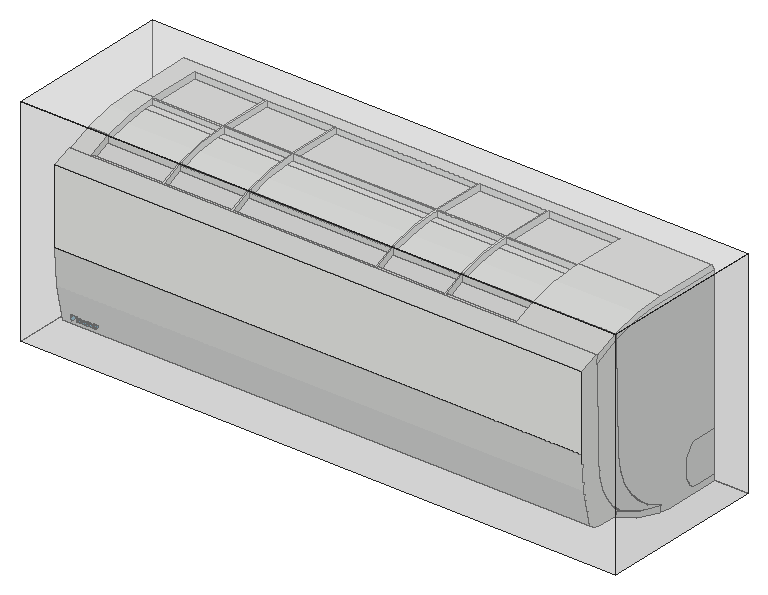
Revit family "outputfile", category 機械設備, Revit 2024
Family settings
  丸型コネクタ寸法 = 半径を使用
  パーツ タイプ = 標準
  OmniClass 番号 = 23.75.10.24.21.27.27
  OmniClass タイトル = Split System Air Conditioning Units
  作業面ベース = いいえ
  常に垂直 = はい
  ロード時にボイドで切り取り = いいえ
  注釈の向きを維持 = いいえ
  共有 = いいえ
  部屋計算ポイント = いいえ
Parameters (values of type "FTKC20TVM4")
  Description = ""
  書き出し IFC クラス(タイプ) = "IfcUnitaryEquipmentType"
  定義済み IFC タイプ(タイプ) = "AIRCONDITIONINGUNIT"
  Cost = 0
  Type Comments = ""
  Keynote = ""
  Type Image = (empty or 0)
  Assembly Code = ""
  w_wall hole = if(Width = 770.0 mm, 48.0 mm, 60.0 mm)  # 48.0 mm
  製造元 = "Daikin"
  モデル = "FTKC20TVM4"
  switch_frequency = yes
  r_Liquid Pipe Size = Liquid Pipe Size / 2  # 3.2 mm
  r_Gas Pipe Size = Gas Pipe Size / 2  # 4.75 mm
  r_Drain Pipe Size = Drain Pipe Size / 2  # 8.0 mm
  lw_powersupply [instance] = if(Width = 770.0 mm, if(or(Rear Right Connection_refrigerant, Bottom Right Connection_refrigerant), 30.0 mm, if(or(Rear Left Connection_refrigerant, Bottom Left Connection_refrigerant), 740.0 mm, 385.0 mm)), if(Width = 990.0 mm, if(or(Rear Right Connection_refrigerant, Bottom Right Connection_refrigerant), 80.0 mm, if(or(Rear Left Connection_refrigerant, Bottom Left Connection_refrigerant), 920.0 mm, 495.0 mm)), if(or(Rear Right Connection_refrigerant, Bottom Right Connection_refrigerant), 80.0 mm, if(or(Rear Left Connection_refrigerant, Bottom Left Connection_refrigerant), 920.0 mm, 495.0 mm))))  # 385.0 mm
  lw_liquidpipe [instance] = if(Width = 770.0 mm, if(or(Rear Right Connection_refrigerant, Bottom Right Connection_refrigerant), 0.0 mm, if(or(Rear Left Connection_refrigerant, Bottom Left Connection_refrigerant), 674.0 mm, 400.0 mm)), if(Width = 990.0 mm, if(or(Rear Right Connection_refrigerant, Bottom Right Connection_refrigerant), 9.0 mm, if(or(Rear Left Connection_refrigerant, Bottom Left Connection_refrigerant), 871.0 mm, 475.0 mm)), if(or(Rear Right Connection_refrigerant, Bottom Right Connection_refrigerant), 9.0 mm, if(or(Rear Left Connection_refrigerant, Bottom Left Connection_refrigerant), 871.0 mm, 475.0 mm))))  # 400.0 mm
  lw_gaspipe [instance] = if(Width = 770.0 mm, if(or(Rear Right Connection_refrigerant, Bottom Right Connection_refrigerant), 0.0 mm, if(or(Rear Left Connection_refrigerant, Bottom Left Connection_refrigerant), 674.0 mm, 350.0 mm)), if(Width = 990.0 mm, if(or(Rear Right Connection_refrigerant, Bottom Right Connection_refrigerant), 0.0 mm, if(or(Rear Left Connection_refrigerant, Bottom Left Connection_refrigerant), 880.0 mm, 400.0 mm)), if(or(Rear Right Connection_refrigerant, Bottom Right Connection_refrigerant), 0.0 mm, if(or(Rear Left Connection_refrigerant, Bottom Left Connection_refrigerant), 880.0 mm, 400.0 mm))))  # 350.0 mm
  lw_drainpipe [instance] = if(Width = 770.0 mm, if(or(Rear Right Connection_refrigerant, Bottom Right Connection_refrigerant), 0.0 mm, if(or(Rear Left Connection_refrigerant, Bottom Left Connection_refrigerant), 674.0 mm, 465.0 mm)), if(Width = 990.0 mm, if(or(Rear Right Connection_refrigerant, Bottom Right Connection_refrigerant), 0.0 mm, if(or(Rear Left Connection_refrigerant, Bottom Left Connection_refrigerant), 880.0 mm, 435.0 mm)), if(or(Rear Right Connection_refrigerant, Bottom Right Connection_refrigerant), 0.0 mm, if(or(Rear Left Connection_refrigerant, Bottom Left Connection_refrigerant), 880.0 mm, 435.0 mm))))  # 465.0 mm
  l_powersupply_length [instance] = if(Width = 770.0 mm, if(Right Connection_refrigerant, 385.0 mm, if(Left Connection_refrigerant, 385.0 mm, if(or(Rear Left Connection_refrigerant, Rear Right Connection_refrigerant), 15.0 mm, 50.0 mm))), if(Width = 990.0 mm, if(Right Connection_refrigerant, 495.0 mm, if(Left Connection_refrigerant, 495.0 mm, if(or(Rear Left Connection_refrigerant, Rear Right Connection_refrigerant), 15.0 mm, 50.0 mm))), if(Right Connection_refrigerant, 495.0 mm, if(Left Connection_refrigerant, 495.0 mm, if(or(Rear Left Connection_refrigerant, Rear Right Connection_refrigerant), 15.0 mm, 50.0 mm)))))  # 385.0 mm
  l_liquidpipe_length [instance] = if(Width = 770.0 mm, if(Right Connection_refrigerant, 448.0 mm, if(Left Connection_refrigerant, 322.0 mm, if(or(Rear Left Connection_refrigerant, Rear Right Connection_refrigerant), 30.0 mm, 40.0 mm))), if(Width = 990.0 mm, if(Right Connection_refrigerant, 535.0 mm, if(Left Connection_refrigerant, 455.0 mm, if(or(Rear Left Connection_refrigerant, Rear Right Connection_refrigerant), 30.0 mm, 40.0 mm))), if(Right Connection_refrigerant, 535.0 mm, if(Left Connection_refrigerant, 455.0 mm, if(or(Rear Left Connection_refrigerant, Rear Right Connection_refrigerant), 30.0 mm, 40.0 mm)))))  # 448.0 mm
  l_gaspipe_length [instance] = if(Width = 770.0 mm, if(Right Connection_refrigerant, 398.0 mm, if(Left Connection_refrigerant, 372.0 mm, if(or(Rear Left Connection_refrigerant, Rear Right Connection_refrigerant), 40.0 mm, 50.0 mm))), if(Width = 990.0 mm, if(Right Connection_refrigerant, 460.0 mm, if(Left Connection_refrigerant, 530.0 mm, if(or(Rear Left Connection_refrigerant, Rear Right Connection_refrigerant), 40.0 mm, 50.0 mm))), if(Right Connection_refrigerant, 460.0 mm, if(Left Connection_refrigerant, 530.0 mm, if(or(Rear Left Connection_refrigerant, Rear Right Connection_refrigerant), 40.0 mm, 50.0 mm)))))  # 398.0 mm
  l_drainpipe_length [instance] = if(Width = 770.0 mm, if(Right Connection_refrigerant, 513.0 mm, if(Left Connection_refrigerant, 257.0 mm, if(or(Rear Left Connection_refrigerant, Rear Right Connection_refrigerant), 15.0 mm, 20.0 mm))), if(Width = 990.0 mm, if(Right Connection_refrigerant, 495.0 mm, if(Left Connection_refrigerant, 495.0 mm, if(or(Rear Left Connection_refrigerant, Rear Right Connection_refrigerant), 15.0 mm, 20.0 mm))), if(Right Connection_refrigerant, 495.0 mm, if(Left Connection_refrigerant, 495.0 mm, if(or(Rear Left Connection_refrigerant, Rear Right Connection_refrigerant), 15.0 mm, 20.0 mm)))))  # 513.0 mm
  h*** = 0.0 mm  # constant formula
  connector_voltage = Voltage_50Hz  # 230 V
  connector_powerinput = [Power Input (Cooling)]  # 0.000 kW
  connector_phase = Phase_50Hz  # 1
  angle_vertical [instance] = if(or(Bottom Left Connection_refrigerant, Bottom Right Connection_refrigerant), 0.00°, 90.00°)  # 90.00°
  angle_horizontal [instance] = if(Right Connection_refrigerant, 90.00°, if(Left Connection_refrigerant, -90.00°, if(or(Rear Left Connection_refrigerant, Rear Right Connection_refrigerant), 180.00°, 0.00°)))  # 90.00°
  Width = 770.0 mm
  Voltage_comment_50Hz = "220 - 240"
  Voltage_50Hz = 230 V
  Version = "ver.1.0"
  Unit Type = "Wall Mounted"
  Unit Mass Weight = 8.00 kg
  Unit Designation [instance] = ""
  Uniclass2015Version = "Products v1.30"
  Uniclass2015Title = "Split coil room air conditioning units"
  Uniclass2015Code = "Pr_70_65_03_86"
  URL = ""
  Total Cooling Capacity [instance] = 0.000 kW
  Sound Pressure Level_M speed (dBA) = 32
  Sound Pressure Level_L speed (dBA) = 27
  Sound Pressure Level_H speed (dBA) = 36
  Sound Power Level_H speed (dB) = 0
  Series = "Single Split_Fan Coil Unit"
  Sensible Cooling Capacity [instance] = 0.000 kW
  Refrigerant Type = "R32"
  Power Input (Cooling) = 0.000 kW
  Phase_50Hz = 1
  Option Accessory 3 [instance] = ""
  Option Accessory 2 [instance] = ""
  Option Accessory 1 [instance] = ""
  Nominal Cooling Capacity = 2.000 kW
  Minimum Circuit Amps_50Hz = 0.0 A
  Minimum Airflow = 324.00 m³/h
  Median Airflow = 450.00 m³/h
  Maximum Fuse Amps_50Hz = 0.0 A
  Maximum Airflow = 558.00 m³/h
  Material_Casing = DAIKIN_PureWhite_Casing_indoorunit
  Load Classification = HVAC
  Liquid Pipe Size = 6.4 mm
  Link_Nested Family [instance] = ""
  IfcVersion = ""
  IfcExportType = "AIRCONDITIONINGUNIT"
  IfcExportAs = "IfcUnitaryEquipmentType"
  Height = 285.0 mm
  Heat Exchanger Type = "Cross Fin Coil"
  Gas Pipe Size = 9.5 mm
  Frequency_50Hz = 50 Hz
  Fan Type = "Cross Flow Fan"
  Fan Drive = "Direct Drive"
  FCU Tag No. [instance] = ""
  Drain Pipe Size = 16.0 mm
  Design Supply Airflow [instance] = 0.00 m³/h
  Depth = 242.0 mm
  既定の高さ = 0.0 mm
  Cooling Entering Wet Bulb Temperature [instance] = 0.00 °C
  Cooling Entering Dry Bulb Temperature [instance] = 0.00 °C
  Cooling Ambient Wet Bulb Temperature [instance] = 0.00 °C
  Cooling Ambient Dry Bulb Temperature [instance] = 0.00 °C
  Clearance visibility [instance] = yes
  Clearance Top = 30.0 mm
  Clearance Right = 50.0 mm
  Clearance Rear = 0.0 mm
  Clearance Left = 50.0 mm
  Clearance Front = 0.0 mm
  Clearance Bottom = 0.0 mm
  Bottom Right Connection_refrigerant [instance] = no
  Bottom Left Connection_refrigerant [instance] = no
  Rear Right Connection_refrigerant [instance] = no
  Rear Left Connection_refrigerant [instance] = no
  Right Connection_refrigerant [instance] = yes
  Left Connection_refrigerant [instance] = no
Reference planes
  plane 1 "Back": y = 0
  plane 2: z = 0
  plane 3 "Center (Left/Right)": x = 0
  plane 4 "Center (Front/Back)": y = -121
  plane 5 "Front": y = -242
  plane 6 "Left": x = -385
  plane 7 "Right": x = 385
  plane 8 "Top": z = 0
  plane 9 "Bottom": z = -285
  plane 10: x = -435
  plane 11: x = 435
  plane 12: y = 0
  plane 13: y = -242
  plane 14: z = 30
  plane 15: z = -285
  plane 16 "lw_Piping and Wiring intake": x = 337
  plane 17 "lw_gaspipe": x = -13
  plane 18 "lw_liquidpipe": x = -63
  plane 19 "lw_drainpipe": x = -128
  plane 20 "lh_drainpipe": z = -265
  plane 21 "lh_liquidpipe": z = -245
  plane 22 "lh_gaspipe": z = -235
  plane 23 "ld_drainpipe": y = -15
  plane 24 "ld_liquidpipe": y = -30
  plane 25 "ld_gaspipe": y = -40
  plane 26 "lw_powersupply": x = 0
Dimensions and locks
  equal spacing: plane 6 "Left", plane 3 "Center (Left/Right)", plane 7 "Right"
  "Width": plane 6 "Left" to plane 7 "Right"
  equal spacing: plane 5 "Front", plane 4 "Center (Front/Back)", plane 1 "Back"
  "Depth": plane 5 "Front" to plane 1 "Back"
  "Height": plane 8 "Top" to plane 9 "Bottom"
  "Clearance Rear": plane 12 to plane 1 "Back"
  "Clearance Front": plane 13 to plane 5 "Front"
  "Clearance Top": plane 14 to plane 8 "Top"
  "Clearance Bottom": plane 9 "Bottom" to plane 15
  "w_wall hole": plane 16 "lw_Piping and Wiring intake" to plane 7 "Right"
  "lw_gaspipe": plane 17 "lw_gaspipe" to plane 16 "lw_Piping and Wiring intake"
  "lw_liquidpipe": plane 18 "lw_liquidpipe" to plane 16 "lw_Piping and Wiring intake"
  "lw_drainpipe": plane 19 "lw_drainpipe" to plane 16 "lw_Piping and Wiring intake"
  locked: plane 20 "lh_drainpipe" to plane 9 "Bottom" at 20
  locked: plane 21 "lh_liquidpipe" to plane 9 "Bottom" at 40
  locked: plane 22 "lh_gaspipe" to plane 9 "Bottom" at 50
  locked: plane 23 "ld_drainpipe" to plane 1 "Back" at 15
  locked: plane 1 "Back" to plane 24 "ld_liquidpipe" at 30
  locked: plane 1 "Back" to plane 25 "ld_gaspipe" at 40
  "lw_powersupply": plane 26 "lw_powersupply" to plane 7 "Right"
  "Clearance Right": plane 7 "Right" to plane 11
  "Clearance Left": plane 10 to plane 6 "Left"
  aligned and locked: level to plane 2
  aligned and locked: plane 12 to nested 1
  aligned and locked: nested 1 to plane 13
  aligned and locked: plane 10 to nested 1
  aligned and locked: plane 11 to nested 1
  aligned and locked: plane 15 to nested 1
  aligned and locked: plane 14 to nested 1
  aligned and locked: plane 17 "lw_gaspipe" to nested 2
  aligned and locked: nested 2 to plane 25 "ld_gaspipe"
  aligned and locked: plane 18 "lw_liquidpipe" to nested 3
  aligned and locked: nested 3 to plane 24 "ld_liquidpipe"
  aligned and locked: plane 19 "lw_drainpipe" to nested 4
  aligned and locked: nested 4 to plane 23 "ld_drainpipe"
  aligned and locked: nested 5 to plane 23 "ld_drainpipe"
  aligned and locked: plane 26 "lw_powersupply" to nested 5
  aligned and locked: level to plane 8 "Top"
  aligned and locked: plane 3 "Center (Left/Right)" to nested 6
  aligned and locked: plane 8 "Top" to nested 6
  aligned and locked: plane 1 "Back" to nested 6
Nested families
  nested 1: "daikin_clearancespace" at (0, -121, -127.381), show <- "Clearance visibility", visible <- "Clearance visibility", Link_Nested Family <- "Link_Nested Family", type "daikin_clearancespace"
    with width 870.0 mm, show yes, height 315.0 mm, depth 242.0 mm, Link_Nested Family ""
  nested 2: "daikin_connector_rotate3" at (-13, -40, -235), angle_vertical <- "angle_vertical", angle_horizontal <- "angle_horizontal", length <- "l_gaspipe_length", radius <- "r_Gas Pipe Size", type "daikin_connector_rotate3"
    with show no, radius 4.75 mm, length 398.0 mm, angle_vertical 90.00°, angle_horizontal 90.00°
  nested 3: "daikin_connector_rotate3" at (-63, -30, -245), angle_vertical <- "angle_vertical", angle_horizontal <- "angle_horizontal", radius <- "r_Liquid Pipe Size", length <- "l_liquidpipe_length", type "daikin_connector_rotate3"
    with show no, radius 3.2 mm, length 448.0 mm, angle_vertical 90.00°, angle_horizontal 90.00°
  nested 4: "daikin_connector_rotate3" at (-128, -15, -265), angle_vertical <- "angle_vertical", angle_horizontal <- "angle_horizontal", length <- "l_drainpipe_length", radius <- "r_Drain Pipe Size", type "daikin_connector_rotate3"
    with show no, radius 8.0 mm, length 513.0 mm, angle_vertical 90.00°, angle_horizontal 90.00°
  nested 5: "daikin_connector_rotate3" at (0, -15, -235), angle_vertical <- "angle_vertical", angle_horizontal <- "angle_horizontal", length <- "l_powersupply_length", type "daikin_connector_rotate3"
    with show no, radius 10.0 mm, length 385.0 mm, angle_vertical 90.00°, angle_horizontal 90.00°
  nested 6: "DAIKIN_indoorunit_FTKC-TVM4" at (-31, 0, 0), type "FTKC-TVM4"
Connectors
  piping at (385, -40, -235), diameter 9.5, driven by "r_Gas Pipe Size"
    settings: on nested 2, index 1, connector inside diameter 609.6 mm, connector length 0.0 mm, flow factor 0, pipe flow 0.00 m³/h, pressure drop 0.0 Pa, fitting loss kfactor 0, connector angle 0.00°, fixture units 0, engagement length 0.0 mm, angle of deflection 0.00°, flow configuration 1, flow direction 2, fitting loss method 0, system type 29, joint type 0, gender type 0, connector reference index -1, connector utility 0, adjustable connector no, is connector primary yes, connector description "Refrigerant Gas Piping"
  piping at (385, -30, -245), diameter 6.4, driven by "r_Liquid Pipe Size"
    settings: on nested 3, index 2, connector inside diameter 609.6 mm, connector length 0.0 mm, flow factor 0, pipe flow 0.00 m³/h, pressure drop 0.0 Pa, fitting loss kfactor 0, connector angle 0.00°, fixture units 0, engagement length 0.0 mm, angle of deflection 0.00°, flow configuration 1, flow direction 1, fitting loss method 0, system type 29, joint type 0, gender type 0, connector reference index -1, connector utility 0, adjustable connector no, is connector primary no, connector description "Refrigerant Liquid Piping"
  piping at (385, -15, -265), diameter 16, driven by "r_Drain Pipe Size"
    settings: on nested 4, index 3, connector inside diameter 609.6 mm, connector length 0.0 mm, flow factor 0, pipe flow 0.00 m³/h, pressure drop 0.0 Pa, fitting loss kfactor 0, connector angle 0.00°, fixture units 0, engagement length 0.0 mm, angle of deflection 0.00°, flow configuration 1, flow direction 2, fitting loss method 4, system type 16, joint type 0, gender type 0, connector reference index -1, connector utility 0, adjustable connector no, is connector primary no, connector description "Condensate Drain Piping"
  electrical at (385, -15, -235), driven by "Load Classification", driven by "connector_voltage", driven by "connector_powerinput", driven by "connector_phase"
    settings: on nested 5, index 4, voltage 230 V, apparent load 0 VA, apparent load phase1 0 VA, apparent load phase2 0 VA, apparent load phase3 0 VA, power factor 1, load classification "HVAC", number of poles 1, system type 30, power factor state 1, is connector primary yes, connector utility no, sub classification motor no, connector description "Power Supply"
Definition of nested family "daikin_clearancespace"
  Parameters (values of type "daikin_clearancespace")
    Description = "daikin_clearancespace"
    width [instance] = 1823.963 mm
    show [instance] = yes
    material = none
    height [instance] = 1359.762 mm
    depth [instance] = 880.0 mm
    Default Elevation = 0.0 mm
    Link_Nested Family [instance] = ""
  Reference planes
    plane 1 "Center (Front/Back)": y = 0
    plane 2 "Center (Elevation)": z = -0.119
    plane 3 "Center (Left/Right)": x = 0
    plane 4: y = 440
    plane 5: y = -440
    plane 6 "Right": x = 911.982
    plane 7 "Left": x = -911.982
    plane 8 "Top": z = 679.762
    plane 9 "Bottom": z = -680
  Forms (mm)
    Extrusion 1, solid, material <- "material", visible <- "show"
      sketch origin (0, 0, 0) x (1, 0, 0) y (0, 1, 0)
        loop
          line (-911.982, 440) -> (-911.982, -440) -> (911.982, -440) -> (911.982, 440) -> (-911.982, 440)
      from -680 to 679.762
  Lines and regions (mm)
    symbolic lines, visible <- "show"
      curve 1: line (911.982, 440, 0) -> (-911.982, 440, 0)
      curve 2: line (-911.982, 440, 0) -> (-911.982, -440, 0)
      curve 3: line (-911.982, -440, 0) -> (911.982, -440, 0)
      curve 4: line (911.982, -440, 0) -> (911.982, 440, 0)
      curve 5: line (911.982, 0, 679.762) -> (-911.982, 0, 679.762)
      curve 6: line (911.982, 0, -680) -> (911.982, 0, 679.762)
      curve 7: line (-911.982, 0, -680) -> (911.982, 0, -680)
      curve 8: line (-911.982, 0, 679.762) -> (-911.982, 0, -680)
      curve 9: line (0, 440, 679.762) -> (0, -440, 679.762)
      curve 10: line (0, -440, 679.762) -> (0, -440, -680)
      curve 11: line (0, 440, -680) -> (0, 440, 679.762)
      curve 12: line (0, -440, -680) -> (0, 440, -680)
  Dimensions and locks
    "width": plane 7 "Left" to plane 6 "Right"
    "depth": plane 4 to plane 5
    "height": plane 8 "Top" to plane 9 "Bottom"
    equal spacing: plane 7 "Left", plane 3 "Center (Left/Right)", plane 6 "Right"
    equal spacing: plane 4, plane 1 "Center (Front/Back)", plane 5
    equal spacing: plane 8 "Top", plane 2 "Center (Elevation)", plane 9 "Bottom"
    aligned and locked: level to plane 2 "Center (Elevation)"
    aligned and locked: Extrusion 1 sketch curve to plane 4
    aligned and locked: plane 7 "Left" to Extrusion 1 sketch curve
    aligned and locked: Extrusion 1 sketch curve to plane 5
    aligned and locked: Extrusion 1 sketch curve to plane 6 "Right"
    aligned and locked: plane 8 "Top" to Extrusion 1
    aligned and locked: curve 1 to Extrusion 1
    aligned and locked: curve 2 to Extrusion 1
    aligned and locked: curve 3 to Extrusion 1
    aligned and locked: curve 4 to Extrusion 1
    aligned and locked: curve 5 to Extrusion 1
    aligned and locked: curve 6 to Extrusion 1
    aligned and locked: curve 7 to Extrusion 1
    aligned and locked: curve 8 to Extrusion 1
    aligned and locked: curve 9 to Extrusion 1
    aligned and locked: curve 10 to Extrusion 1
    aligned and locked: curve 11 to Extrusion 1
    aligned and locked: curve 12 to Extrusion 1
    aligned and locked: Extrusion 1 to plane 9 "Bottom"
Definition of nested family "DAIKIN_indoorunit_FTKC-TVM4"
  Parameters (values of type "FTKC-TVM4")
    switch_unit1_50-71 = Width = 990.0 mm  # no
    switch_unit1_15-35 = Width = 770.0 mm  # yes
    Width = 770.0 mm
    Material_Casing = none
    Height = if(Width = 770.0 mm, 285.0 mm, 295.0 mm)  # 285.0 mm
    Default Elevation = 0.0 mm
  Reference planes
    plane 1 "Center (Front/Back)": y = 0
    plane 2 "reference_level": z = 0
    plane 3 "Center (Left/Right)": x = 31
    plane 4: x = -354
    plane 5: x = 416
    plane 6: y = -242
    plane 7: z = -285
    plane 8: x = -464
    plane 9: x = 526
    plane 10: y = -281
    plane 11: z = -295
  Forms (mm)
    Extrusion 1, solid, material <- "Material_Casing", visible <- "switch_unit1_15-35"
      sketch origin (31, 0, 0) x (0, 1, 0) y (0, 0, 1)
        loop
          line (-181.516, -252.416) -> (-177.432, -245.341)
          arc (-177.432, -245.341) -> (-187.602, -234.721) -> (-196.157, -222.761) r 103
          arc (-196.157, -222.761) -> (-204.858, -204.875) -> (-209.959, -185.65) r 103
          arc (-209.959, -185.65) -> (-211.672, -172.918) -> (-212.646, -160.108) r 222
          arc (-212.646, -160.108) -> (-214.738, -92.842) -> (-214.74, -25.543) r 2166.704
          line (-214.74, -25.543) -> (-242, -36.1) -> (-242, -144.253)
          arc (-242, -144.253) -> (-238.127, -195.07) -> (-226.597, -244.714) r 335.315
          arc (-226.597, -244.714) -> (-218.704, -249.531) -> (-209.718, -251.715) r 30
          arc (-209.718, -251.715) -> (-195.628, -252.481) -> (-181.516, -252.416) r 239.767
      from -385 to 385
    Extrusion 2, solid, material <- "Material_Casing", visible <- "switch_unit1_15-35"
      sketch origin (31, 0, 0) x (0, 1, 0) y (0, 0, 1)
        loop
          line (0, -8.5) -> (-113.618, -8.5)
          arc (-113.618, -8.5) -> (-146.846, -12.967) -> (-179.138, -21.983) r 242
          arc (-179.138, -21.983) -> (-179.047, -97.761) -> (-175.674, -173.465) r 1749.053
          arc (-175.674, -173.465) -> (-151.972, -235.488) -> (-97.504, -273.461) r 112.896
          line (-97.504, -273.461) -> (-97.504, -283.03)
          arc (-97.504, -283.03) -> (-89.849, -284.138) -> (-82.162, -285) r 240
          line (-82.162, -285) -> (0, -285) -> (0, -8.5)
      from -385 to 385
    Extrusion 3, solid, material <- "Material_Casing", visible <- "switch_unit1_15-35"
      sketch origin (31, 0, 0) x (0, 1, 0) y (0, 0, 1)
        loop
          arc (-98, 0) -> (-139.118, -3.405) -> (-179.116, -13.525) r 250
          arc (-179.116, -13.525) -> (-179.134, -17.754) -> (-179.138, -21.983) r 1232.815
          arc (-179.138, -21.983) -> (-146.846, -12.967) -> (-113.618, -8.5) r 242
          line (-113.618, -8.5) -> (0, -8.5) -> (-5, 0) -> (-98, 0)
      from -385 to 385
    Extrusion 4, solid, material <- "Material_Casing", visible <- "switch_unit1_15-35"
      sketch origin (31, 0, 0) x (0, 1, 0) y (0, 0, 1)
        loop
          arc (-179.116, -13.525) -> (-196.73, -20.321) -> (-213.781, -28.427) r 250
          arc (-213.781, -28.427) -> (-213.841, -32.971) -> (-213.891, -37.516) r 2163.952
          arc (-213.891, -37.516) -> (-196.821, -29.065) -> (-179.138, -21.983) r 242
          arc (-179.138, -21.983) -> (-179.134, -17.754) -> (-179.116, -13.525) r 1232.815
      from -385 to 385
    Extrusion 5, solid, material <- "Material_Casing", visible <- "switch_unit1_15-35"
      sketch origin (31, 0, 0) x (0, 1, 0) y (0, 0, 1)
        loop
          arc (-179.138, -21.983) -> (-196.821, -29.065) -> (-213.891, -37.516) r 242
          arc (-213.891, -37.516) -> (-213.638, -98.737) -> (-211.653, -159.927) r 2163.952
          arc (-211.653, -159.927) -> (-210.685, -172.747) -> (-208.973, -185.489) r 221
          arc (-208.973, -185.489) -> (-197.132, -219.133) -> (-174.432, -246.644) r 102
          arc (-174.432, -246.644) -> (-137.432, -263.767) -> (-98, -274.128) r 231.303
          line (-98, -274.128) -> (-98, -273.301)
          arc (-98, -273.301) -> (-152.132, -235.283) -> (-175.674, -173.465) r 112.896
          arc (-175.674, -173.465) -> (-179.047, -97.761) -> (-179.138, -21.983) r 1749.053
      from -385 to 385
    Extrusion 6, solid, material <- "Material_Casing", visible <- "switch_unit1_15-35"
      sketch origin (31, 0, 0) x (0, 1, 0) y (0, 0, 1)
        loop
          arc (-99, -274.668) -> (-139.156, -263.909) -> (-176.747, -246.156) r 232
          line (-176.747, -246.156) -> (-180.748, -253.084)
          arc (-180.748, -253.084) -> (-141.23, -271.668) -> (-99, -282.784) r 240
          line (-99, -282.784) -> (-99, -274.668)
      from 334 to 385
    Extrusion 7, solid, material <- "Material_Casing", visible <- "switch_unit1_15-35"
      sketch origin (31, 0, 0) x (0, 1, 0) y (0, 0, 1)
        loop
          arc (-99, -274.668) -> (-139.156, -263.909) -> (-176.747, -246.156) r 232
          line (-176.747, -246.156) -> (-180.748, -253.084)
          arc (-180.748, -253.084) -> (-141.23, -271.668) -> (-99, -282.784) r 240
          line (-99, -282.784) -> (-99, -274.668)
      from 267 to 333
    Extrusion 8, solid, material <- "Material_Casing", visible <- "switch_unit1_15-35"
      sketch origin (31, 0, 0) x (0, 1, 0) y (0, 0, 1)
        loop
          arc (-99, -274.668) -> (-139.156, -263.909) -> (-176.747, -246.156) r 232
          line (-176.747, -246.156) -> (-180.748, -253.084)
          arc (-180.748, -253.084) -> (-141.23, -271.668) -> (-99, -282.784) r 240
          line (-99, -282.784) -> (-99, -274.668)
      from -385 to -338.5
    Extrusion 9, solid, material <- "Material_Casing", visible <- "switch_unit1_15-35"
      sketch origin (31, 0, 0) x (0, 1, 0) y (0, 0, 1)
        loop
          arc (-118.787, -270.332) -> (-148.589, -260.214) -> (-176.747, -246.156) r 232
          line (-176.747, -246.156) -> (-180.748, -253.084)
          arc (-180.748, -253.084) -> (-152.638, -267.191) -> (-122.926, -277.5) r 240
          line (-122.926, -277.5) -> (-118.787, -270.332)
      from -335.5 to 264.6
    Extrusion 10, solid, material <- "Material_Casing", visible <- "switch_unit1_15-35"
      sketch origin (31, 0, 0) x (0, 1, 0) y (0, 0, 1)
        loop
          line (0, -276.246) -> (0, -216.246) -> (-30, -216.246)
          arc (-30, -216.246) -> (-44.142, -222.104) -> (-50, -236.246) r 20
          line (-50, -236.246) -> (-50, -256.246)
          arc (-50, -256.246) -> (-44.142, -270.388) -> (-30, -276.246) r 20
          line (-30, -276.246) -> (0, -276.246)
      from 380 to 385
    Extrusion 11, solid, material <- "Material_Casing", visible <- "switch_unit1_15-35"
      sketch origin (-734, 0, 0) x (0, 1, 0) y (0, 0, 1)
        loop
          line (0, -276.246) -> (0, -216.246) -> (-30, -216.246)
          arc (-30, -216.246) -> (-44.142, -222.104) -> (-50, -236.246) r 20
          line (-50, -236.246) -> (-50, -256.246)
          arc (-50, -256.246) -> (-44.142, -270.388) -> (-30, -276.246) r 20
          line (-30, -276.246) -> (0, -276.246)
      from 380 to 385
    Extrusion 12, solid, material <- "Material_Casing", visible <- "switch_unit1_15-35"
      sketch origin (4267.2, -957.059, -285) x (0, -1, 0) y (1, 0, 0)
        loop
          line (-957.059, -4610.2) -> (-927.059, -4610.2)
          arc (-927.059, -4610.2) -> (-912.917, -4604.342) -> (-907.059, -4590.2) r 20
          line (-907.059, -4590.2) -> (-907.059, -4570.2)
          arc (-907.059, -4570.2) -> (-912.917, -4556.058) -> (-927.059, -4550.2) r 20
          line (-927.059, -4550.2) -> (-957.059, -4550.2) -> (-957.059, -4610.2)
        loop
          line (-957.059, -3922.2) -> (-927.059, -3922.2)
          arc (-927.059, -3922.2) -> (-912.917, -3916.342) -> (-907.059, -3902.2) r 20
          line (-907.059, -3902.2) -> (-907.059, -3882.2)
          arc (-907.059, -3882.2) -> (-912.917, -3868.058) -> (-927.059, -3862.2) r 20
          line (-927.059, -3862.2) -> (-957.059, -3862.2) -> (-957.059, -3922.2)
      from 0 to 5
    Extrusion 13, solid, material <- "Material_Casing", visible <- "switch_unit1_15-35"
      sketch origin (0, 0, 0) x (1, 0, 0) y (0, 0, 1)
        loop
          circle (-306, -240.5) r 32.5
        loop
          circle (368, -240.5) r 32.5
      from 0 to 5
    Extrusion 14, void
      sketch origin (0, 0, 0) x (1, 0, 0) y (0, 1, 0)
        loop
          line (-324.5, -23.5) -> (-324.5, -100) -> (-221, -100) -> (-221, -23.5) -> (-324.5, -23.5)
        loop
          line (-324.5, -102) -> (-324.5, -180.5) -> (-221, -180.5) -> (-221, -102) -> (-324.5, -102)
        loop
          line (-221, -181.5) -> (-324.5, -181.5) -> (-324.5, -210) -> (-221, -210) -> (-221, -181.5)
        loop
          line (-219, -23.5) -> (-219, -100) -> (-120, -100) -> (-120, -23.5) -> (-219, -23.5)
        loop
          line (-219, -102) -> (-219, -180.5) -> (-120, -180.5) -> (-120, -102) -> (-219, -102)
        loop
          line (-120, -181.5) -> (-219, -181.5) -> (-219, -210) -> (-120, -210) -> (-120, -181.5)
        loop
          line (92, -23.5) -> (92, -100) -> (191, -100) -> (191, -23.5) -> (92, -23.5)
        loop
          line (92, -102) -> (92, -180.5) -> (191, -180.5) -> (191, -102) -> (92, -102)
        loop
          line (191, -181.5) -> (92, -181.5) -> (92, -210) -> (191, -210) -> (191, -181.5)
        loop
          line (193, -23.5) -> (193, -100) -> (296.5, -100) -> (296.5, -23.5) -> (193, -23.5)
        loop
          line (193, -102) -> (193, -180.5) -> (296.5, -180.5) -> (296.5, -102) -> (193, -102)
        loop
          line (296.5, -181.5) -> (193, -181.5) -> (193, -210) -> (296.5, -210) -> (296.5, -181.5)
        loop
          line (-118, -23.5) -> (-118, -100) -> (90, -100) -> (90, -23.5) -> (-118, -23.5)
        loop
          line (-118, -102) -> (-118, -180.5) -> (90, -180.5) -> (90, -102) -> (-118, -102)
        loop
          line (-118, -181.5) -> (-118, -210) -> (90, -210) -> (90, -181.5) -> (-118, -181.5)
      from -45.568 to 39.59
    Extrusion 15, solid, material <- "Material_Casing", visible <- "switch_unit1_50-71"
      sketch origin (31, 0, 0) x (0, 1, 0) y (0, 0, 1)
        loop
          line (-219.505, -253.208) -> (-214.063, -245.993)
          arc (-214.063, -245.993) -> (-226.305, -232.688) -> (-235.972, -217.41) r 100.737
          arc (-235.972, -217.41) -> (-246.359, -189.681) -> (-251.069, -160.448) r 149.292
          arc (-251.069, -160.448) -> (-253.267, -112.746) -> (-254, -65) r 1555.387
          line (-254, -65) -> (-254, -22.209) -> (-280.96, -32.522) -> (-281, -65.309)
          arc (-281, -65.309) -> (-280.275, -112.896) -> (-278.119, -160.439) r 1582.495
          arc (-278.119, -160.439) -> (-274.11, -202.042) -> (-267, -243.228) r 558.201
          arc (-267, -243.228) -> (-249.058, -250.67) -> (-229.801, -253.208) r 74.313
          line (-229.801, -253.208) -> (-219.505, -253.208)
      from -495 to 495
    Extrusion 16, solid, material <- "Material_Casing", visible <- "switch_unit1_50-71"
      sketch origin (31, 0, 0) x (0, 1, 0) y (0, 0, 1)
        loop
          arc (-100.5, -284.747) -> (-179.919, -239.801) -> (-212.343, -154.5) r 134.438
          arc (-212.343, -154.5) -> (-213.586, -109.758) -> (-214, -65) r 2418.229
          line (-214, -65) -> (-214, -20.481)
          arc (-214, -20.481) -> (-233.83, -27.507) -> (-253, -36.176) r 250
          line (-253, -36.176) -> (-253, -65)
          arc (-253, -65) -> (-252.267, -112.716) -> (-250.07, -160.386) r 1554.382
          arc (-250.07, -160.386) -> (-245.365, -189.53) -> (-234.983, -217.165) r 148.387
          arc (-234.983, -217.165) -> (-218.057, -240.73) -> (-195.079, -258.444) r 100
          arc (-195.079, -258.444) -> (-149.468, -277.868) -> (-100.5, -285.595) r 201.939
          line (-100.5, -285.595) -> (-100.5, -284.747)
      from -495 to 495
    Extrusion 17, solid, material <- "Material_Casing", visible <- "switch_unit1_50-71"
      sketch origin (31, 0, 0) x (0, 1, 0) y (0, 0, 1)
        loop
          arc (-214, -65) -> (-213.586, -109.758) -> (-212.343, -154.5) r 2418.229
          arc (-212.343, -154.5) -> (-178.254, -241.703) -> (-95.5, -285.502) r 134.438
          line (-95.5, -285.502) -> (-95.5, -295) -> (0, -295) -> (0, -9) -> (-140.5, -9)
          arc (-140.5, -9) -> (-177.696, -11.888) -> (-214, -20.481) r 241
          line (-214, -20.481) -> (-214, -65)
      from -495 to 495
    Extrusion 18, solid, material <- "Material_Casing", visible <- "switch_unit1_50-71"
      sketch origin (31, 0, 0) x (0, 1, 0) y (0, 0, 1)
        loop
          line (-213.317, -246.664) -> (-219.196, -254.466)
          arc (-219.196, -254.466) -> (-168.535, -282.168) -> (-112.23, -294.964) r 209.168
          arc (-112.23, -294.964) -> (-111.806, -294.991) -> (-111.381, -295) r 10
          line (-111.381, -295) -> (-96.5, -295) -> (-96.5, -286) -> (-111.136, -286)
          arc (-111.136, -286) -> (-154.838, -277.36) -> (-195.568, -259.316) r 201.22
          arc (-195.568, -259.316) -> (-204.785, -253.47) -> (-213.317, -246.664) r 101
      from 445 to 495
    Extrusion 19, solid, material <- "Material_Casing", visible <- "switch_unit1_50-71"
      sketch origin (-464, 2327.908, 1200) x (0, 1, 0) y (0, 0, 1)
        loop
          line (-2541.225, -1446.664) -> (-2547.104, -1454.466)
          arc (-2547.104, -1454.466) -> (-2496.443, -1482.168) -> (-2440.138, -1494.964) r 209.168
          arc (-2440.138, -1494.964) -> (-2439.714, -1494.991) -> (-2439.289, -1495) r 10
          line (-2439.289, -1495) -> (-2424.408, -1495) -> (-2424.408, -1486) -> (-2439.044, -1486)
          arc (-2439.044, -1486) -> (-2482.746, -1477.36) -> (-2523.476, -1459.316) r 201.22
          arc (-2523.476, -1459.316) -> (-2532.693, -1453.47) -> (-2541.225, -1446.664) r 101
      from 0 to 45
    Extrusion 20, solid, material <- "Material_Casing", visible <- "switch_unit1_50-71"
      sketch origin (31, 0, 0) x (0, 1, 0) y (0, 0, 1)
        loop
          line (-213.317, -246.664) -> (-219.196, -254.466)
          arc (-219.196, -254.466) -> (-168.535, -282.168) -> (-112.23, -294.964) r 209.168
          arc (-112.23, -294.964) -> (-111.806, -294.991) -> (-111.381, -295) r 10
          line (-111.381, -295) -> (-96.5, -295) -> (-96.5, -286) -> (-111.136, -286)
          arc (-111.136, -286) -> (-154.838, -277.36) -> (-195.568, -259.316) r 201.22
          arc (-195.568, -259.316) -> (-204.785, -253.47) -> (-213.317, -246.664) r 101
      from 348 to 444
    Extrusion 21, solid, material <- "Material_Casing", visible <- "switch_unit1_50-71"
      sketch origin (31, 0, 0) x (0, 1, 0) y (0, 0, 1)
        loop
          line (-213.317, -246.664) -> (-219.196, -254.466)
          arc (-219.196, -254.466) -> (-180.878, -277.039) -> (-138.653, -291) r 209.168
          line (-138.653, -291) -> (-132.632, -283.01)
          arc (-132.632, -283.01) -> (-165.097, -273.811) -> (-195.568, -259.316) r 201.22
          arc (-195.568, -259.316) -> (-204.785, -253.47) -> (-213.317, -246.664) r 101
      from -442 to 343
    Extrusion 22, solid, material <- "Material_Casing", visible <- "switch_unit1_50-71"
      sketch origin (31, 0, 0) x (0, 1, 0) y (0, 0, 1)
        loop
          arc (-214, -11.049) -> (-233.83, -18.074) -> (-253, -26.743) r 250
          line (-253, -26.743) -> (-253, -36.176)
          arc (-253, -36.176) -> (-233.83, -27.507) -> (-214, -20.481) r 250
          line (-214, -20.481) -> (-214, -11.049)
      from -495 to 495
    Extrusion 23, solid, material <- "Material_Casing", visible <- "switch_unit1_50-71"
      sketch origin (31, 0, 0) x (0, 1, 0) y (0, 0, 1)
        loop
          arc (-140.5, 0) -> (-177.663, -2.778) -> (-214, -11.049) r 250
          line (-214, -11.049) -> (-214, -20.481)
          arc (-214, -20.481) -> (-177.696, -11.888) -> (-140.5, -9) r 241
          line (-140.5, -9) -> (0, -9) -> (-5, 0) -> (-140.5, 0)
      from -495 to 495
    Extrusion 24, void
      sketch origin (0, 0, 0) x (1, 0, 0) y (0, 1, 0)
        loop
          line (-434, -22.7) -> (-434, -107.9) -> (-332, -107.9) -> (-332, -22.7) -> (-434, -22.7)
        loop
          line (-332, -116.9) -> (-434, -116.9) -> (-434, -183.4) -> (-332, -183.4) -> (-332, -116.9)
        loop
          line (-332, -187.9) -> (-434, -187.9) -> (-434, -231.9) -> (-332, -231.9) -> (-332, -187.9)
        loop
          line (-327.8, -22.7) -> (-327.8, -107.9) -> (-229.6, -107.9) -> (-229.6, -22.7) -> (-327.8, -22.7)
        loop
          line (-229.6, -116.9) -> (-327.8, -116.9) -> (-327.8, -183.4) -> (-229.6, -183.4) -> (-229.6, -116.9)
        loop
          line (-229.6, -187.9) -> (-327.8, -187.9) -> (-327.8, -231.9) -> (-229.6, -231.9) -> (-229.6, -187.9)
        loop
          line (-225.4, -22.7) -> (-225.4, -107.9) -> (-127.2, -107.9) -> (-127.2, -22.7) -> (-225.4, -22.7)
        loop
          line (-127.2, -116.9) -> (-225.4, -116.9) -> (-225.4, -183.4) -> (-127.2, -183.4) -> (-127.2, -116.9)
        loop
          line (-127.2, -187.9) -> (-225.4, -187.9) -> (-225.4, -231.9) -> (-127.2, -231.9) -> (-127.2, -187.9)
        loop
          line (-123, -22.7) -> (-123, -107.9) -> (-26, -107.9) -> (-26, -22.7) -> (-123, -22.7)
        loop
          line (-26, -116.9) -> (-123, -116.9) -> (-123, -183.4) -> (-26, -183.4) -> (-26, -116.9)
        loop
          line (-26, -187.9) -> (-123, -187.9) -> (-123, -231.9) -> (-26, -231.9) -> (-26, -187.9)
        loop
          line (396, -22.7) -> (294, -22.7) -> (294, -107.9) -> (396, -107.9) -> (396, -22.7)
        loop
          line (294, -116.9) -> (294, -183.4) -> (396, -183.4) -> (396, -116.9) -> (294, -116.9)
        loop
          line (294, -187.9) -> (294, -231.9) -> (396, -231.9) -> (396, -187.9) -> (294, -187.9)
        loop
          line (289.8, -22.7) -> (191.6, -22.7) -> (191.6, -107.9) -> (289.8, -107.9) -> (289.8, -22.7)
        loop
          line (191.6, -116.9) -> (191.6, -183.4) -> (289.8, -183.4) -> (289.8, -116.9) -> (191.6, -116.9)
        loop
          line (191.6, -187.9) -> (191.6, -231.9) -> (289.8, -231.9) -> (289.8, -187.9) -> (191.6, -187.9)
        loop
          line (187.4, -22.7) -> (89.2, -22.7) -> (89.2, -107.9) -> (187.4, -107.9) -> (187.4, -22.7)
        loop
          line (89.2, -116.9) -> (89.2, -183.4) -> (187.4, -183.4) -> (187.4, -116.9) -> (89.2, -116.9)
        loop
          line (89.2, -187.9) -> (89.2, -231.9) -> (187.4, -231.9) -> (187.4, -187.9) -> (89.2, -187.9)
        loop
          line (85, -22.7) -> (-12, -22.7) -> (-12, -107.9) -> (85, -107.9) -> (85, -22.7)
        loop
          line (-12, -116.9) -> (-12, -183.4) -> (85, -183.4) -> (85, -116.9) -> (-12, -116.9)
        loop
          line (-12, -187.9) -> (-12, -231.9) -> (85, -231.9) -> (85, -187.9) -> (-12, -187.9)
      from -47.376 to 34.635
    Extrusion 25, solid, material <- "Material_Casing", visible <- "switch_unit1_50-71"
      sketch origin (31, 0, 0) x (0, 1, 0) y (0, 0, 1)
        loop
          line (0, -287) -> (0, -214.4) -> (-35.8, -214.4)
          arc (-35.8, -214.4) -> (-52.771, -221.429) -> (-59.8, -238.4) r 24
          line (-59.8, -238.4) -> (-59.8, -263)
          arc (-59.8, -263) -> (-52.771, -279.971) -> (-35.8, -287) r 24
          line (-35.8, -287) -> (0, -287)
      from 490 to 495
    Extrusion 26, solid, material <- "Material_Casing", visible <- "switch_unit1_50-71"
      sketch origin (-954, 0, 0) x (0, 1, 0) y (0, 0, 1)
        loop
          line (0, -287) -> (0, -214.4) -> (-35.8, -214.4)
          arc (-35.8, -214.4) -> (-52.771, -221.429) -> (-59.8, -238.4) r 24
          line (-59.8, -238.4) -> (-59.8, -263)
          arc (-59.8, -263) -> (-52.771, -279.971) -> (-35.8, -287) r 24
          line (-35.8, -287) -> (0, -287)
      from 490 to 495
    Extrusion 27, solid, material <- "Material_Casing", visible <- "switch_unit1_50-71"
      sketch origin (0, 0, 0) x (1, 0, 0) y (0, 0, 1)
        loop
          circle (-416, -250.5) r 40
        loop
          circle (466, -250.5) r 40
      from 0 to 5
    Extrusion 28, solid, material <- "Material_Casing", visible <- "switch_unit1_50-71"
      sketch origin (4267.2, -957.059, -295) x (0, -1, 0) y (1, 0, 0)
        loop
          line (-957.059, -4705) -> (-921.259, -4705)
          arc (-921.259, -4705) -> (-904.289, -4697.971) -> (-897.259, -4681) r 24
          line (-897.259, -4681) -> (-897.259, -4656.4)
          arc (-897.259, -4656.4) -> (-904.289, -4639.429) -> (-921.259, -4632.4) r 24
          line (-921.259, -4632.4) -> (-957.059, -4632.4) -> (-957.059, -4705)
        loop
          line (-957.059, -3840) -> (-921.259, -3840)
          arc (-921.259, -3840) -> (-904.289, -3832.971) -> (-897.259, -3816) r 24
          line (-897.259, -3816) -> (-897.259, -3791.4)
          arc (-897.259, -3791.4) -> (-904.289, -3774.429) -> (-921.259, -3767.4) r 24
          line (-921.259, -3767.4) -> (-957.059, -3767.4) -> (-957.059, -3840)
      from 0 to 5
  Cuts and joins
    Extrusion 14 cuts Extrusion 4
    Extrusion 14 cuts Extrusion 3
    Extrusion 24 cuts Extrusion 22
    joined: Extrusion 16, Extrusion 22
    Extrusion 24 cuts Extrusion 23
    joined: Extrusion 17, Extrusion 23
  Dimensions and locks
    plane 4 to plane 5 = 770.0 mm
    equal spacing: plane 4, plane 3 "Center (Left/Right)", plane 5
    plane 6 to plane 1 "Center (Front/Back)" = 242.0 mm
    level to plane 7 = 285.0 mm
    locked: Extrusion 13 sketch curve to plane 4 at 48
    locked: plane 5 to Extrusion 13 sketch curve at 48
    locked: Extrusion 13 sketch curve to plane 7 at 44.5  (x2)
    locked: nested 1 to plane 4 at 15
    plane 8 to plane 9 = 990.0 mm
    equal spacing: plane 8, plane 3 "Center (Left/Right)", plane 9
    plane 10 to plane 1 "Center (Front/Back)" = 281.0 mm
    plane 2 "reference_level" to plane 11 = 295.0 mm
    locked: nested 2 to plane 8 at 15
    radius of Extrusion 13 sketch curve = 32.5 mm  (x2)
    radius of Extrusion 27 sketch curve = 40.0 mm  (x2)
    aligned and locked: level to plane 2 "reference_level"
  Automatic sketch dimensions
    Extrusion 1 sketch curve to Extrusion 1 sketch curve = 0.0 mm  (x2)
    Extrusion 1 sketch curve to plane 6 = 0.0 mm
    Extrusion 1 sketch curve to plane 6 = 27.26 mm
    Extrusion 1 sketch curve to plane 6 = 34.79 mm
    Extrusion 1 sketch curve to level = 12.788 mm
    Extrusion 1 sketch curve to Extrusion 1 sketch curve = 25.072 mm
    Extrusion 1 sketch curve to Extrusion 1 sketch curve = 25.693 mm
    Extrusion 1 sketch curve to Extrusion 1 sketch curve = 4.085 mm
    Extrusion 1 sketch curve to Extrusion 1 sketch curve = 69.113 mm
    Extrusion 1 sketch curve to plane 1 "Center (Front/Back)" = 9.11 mm
    Extrusion 1 sketch curve to Extrusion 1 sketch curve = 84.204 mm
    Extrusion 1 sketch curve to level = 59.12 mm
    Extrusion 1 sketch curve to Extrusion 1 sketch curve = 1858.389 mm
    plane 7 to Extrusion 1 sketch curve = 140.747 mm
    Extrusion 1 sketch curve to Extrusion 1 sketch curve = 5.448 mm
    Extrusion 1 sketch curve to Extrusion 1 sketch curve = 19.271 mm
    plane 7 to Extrusion 1 sketch curve = 63.18 mm
    Extrusion 1 sketch curve to Extrusion 1 sketch curve = 23.521 mm
    Extrusion 1 sketch curve to Extrusion 1 sketch curve = 7.075 mm
    Extrusion 1 sketch curve to level = 36.1 mm
    Extrusion 1 sketch curve to level = 25.543 mm
    Extrusion 1 sketch curve to plane 6 = 15.403 mm
    Extrusion 1 sketch curve to Extrusion 1 sketch curve = 2.686 mm
    Extrusion 1 sketch curve to Extrusion 1 sketch curve = 11.052 mm
    Extrusion 2 sketch curve to plane 7 = 0.0 mm
    Extrusion 2 sketch curve to plane 1 "Center (Front/Back)" = 0.0 mm
    plane 1 "Center (Front/Back)" to Extrusion 2 sketch curve = 59.278 mm
    plane 1 "Center (Front/Back)" to Extrusion 2 sketch curve = 63.028 mm
    Extrusion 2 sketch curve to Extrusion 2 sketch curve = 82.162 mm
    plane 7 to Extrusion 2 sketch curve = 1.97 mm
    Extrusion 2 sketch curve to Extrusion 2 sketch curve = 15.342 mm
    plane 7 to Extrusion 2 sketch curve = 11.539 mm
    Extrusion 2 sketch curve to Extrusion 2 sketch curve = 0.0 mm
    Extrusion 2 sketch curve to Extrusion 2 sketch curve = 0.565 mm
    Extrusion 2 sketch curve to level = 8.5 mm
    Extrusion 2 sketch curve to Extrusion 2 sketch curve = 54.34 mm
    Extrusion 2 sketch curve to level = 57.766 mm
    Extrusion 2 sketch curve to plane 1 "Center (Front/Back)" = 1569.548 mm
    Extrusion 2 sketch curve to Extrusion 2 sketch curve = 23.461 mm
    Extrusion 2 sketch curve to Extrusion 2 sketch curve = 84.042 mm
    Extrusion 2 sketch curve to plane 6 = 66.326 mm
    Extrusion 3 sketch curve to level = 0.0 mm
    Extrusion 3 sketch curve to plane 1 "Center (Front/Back)" = 0.0 mm
    plane 1 "Center (Front/Back)" to Extrusion 3 sketch curve = 5.0 mm
    Extrusion 3 sketch curve to Extrusion 3 sketch curve = 93.0 mm
    Extrusion 3 sketch curve to Extrusion 3 sketch curve = 0.07 mm
    Extrusion 3 sketch curve to level = 8.5 mm
    Extrusion 3 sketch curve to Extrusion 3 sketch curve = 15.618 mm
    Extrusion 3 sketch curve to level = 21.073 mm
    Extrusion 3 sketch curve to plane 1 "Center (Front/Back)" = 1053.676 mm
    plane 7 to Extrusion 3 sketch curve = 35.0 mm
    Extrusion 3 sketch curve to Extrusion 3 sketch curve = 0.0 mm
    Extrusion 3 sketch curve to level = 13.525 mm
    plane 7 to Extrusion 4 sketch curve = 35.0 mm
    plane 1 "Center (Front/Back)" to Extrusion 4 sketch curve = 98.07 mm
    Extrusion 4 sketch curve to Extrusion 4 sketch curve = 0.07 mm
    Extrusion 4 sketch curve to level = 21.073 mm
    Extrusion 4 sketch curve to plane 1 "Center (Front/Back)" = 1053.676 mm
    Extrusion 4 sketch curve to level = 59.178 mm
    Extrusion 4 sketch curve to Extrusion 4 sketch curve = 896.276 mm
    Extrusion 4 sketch curve to Extrusion 4 sketch curve = 0.0 mm
    Extrusion 4 sketch curve to level = 13.525 mm
    Extrusion 4 sketch curve to plane 6 = 62.884 mm
    Extrusion 4 sketch curve to Extrusion 4 sketch curve = 0.023 mm
    Extrusion 4 sketch curve to plane 6 = 28.219 mm
    plane 1 "Center (Front/Back)" to Extrusion 5 sketch curve = 108.319 mm
    Extrusion 5 sketch curve to Extrusion 5 sketch curve = 10.249 mm
    plane 7 to Extrusion 5 sketch curve = 11.699 mm
    Extrusion 5 sketch curve to Extrusion 5 sketch curve = 0.07 mm
    Extrusion 5 sketch curve to Extrusion 5 sketch curve = 45.291 mm
    Extrusion 5 sketch curve to level = 46.109 mm
    plane 1 "Center (Front/Back)" to Extrusion 5 sketch curve = 59.163 mm
    Extrusion 5 sketch curve to plane 1 "Center (Front/Back)" = 9.11 mm
    Extrusion 5 sketch curve to level = 57.766 mm
    Extrusion 5 sketch curve to Extrusion 5 sketch curve = 1560.438 mm
    Extrusion 5 sketch curve to level = 59.178 mm
    Extrusion 5 sketch curve to Extrusion 5 sketch curve = 380.404 mm
    Extrusion 5 sketch curve to Extrusion 5 sketch curve = 0.828 mm
    Extrusion 5 sketch curve to Extrusion 5 sketch curve = 23.301 mm
    Extrusion 5 sketch curve to Extrusion 5 sketch curve = 81.029 mm
    Extrusion 5 sketch curve to Extrusion 5 sketch curve = 3.012 mm
    Extrusion 5 sketch curve to Extrusion 5 sketch curve = 16.258 mm
    plane 7 to Extrusion 5 sketch curve = 38.356 mm
    Extrusion 5 sketch curve to Extrusion 5 sketch curve = 33.299 mm
    Extrusion 5 sketch curve to level = 21.983 mm
    Extrusion 5 sketch curve to Extrusion 5 sketch curve = 0.0 mm
    Extrusion 5 sketch curve to Extrusion 5 sketch curve = 2.68 mm
    Extrusion 6 sketch curve to Extrusion 6 sketch curve = 0.0 mm  (x3)
    Extrusion 6 sketch curve to plane 6 = 61.252 mm
    Extrusion 6 sketch curve to Extrusion 6 sketch curve = 4.0 mm
    plane 7 to Extrusion 6 sketch curve = 10.332 mm
    Extrusion 6 sketch curve to Extrusion 6 sketch curve = 77.747 mm
    plane 7 to Extrusion 6 sketch curve = 2.216 mm
    plane 1 "Center (Front/Back)" to Extrusion 6 sketch curve = 59.278 mm
    Extrusion 6 sketch curve to Extrusion 6 sketch curve = 21.583 mm
    Extrusion 7 sketch curve to Extrusion 7 sketch curve = 0.0 mm  (x3)
    Extrusion 7 sketch curve to plane 6 = 61.252 mm
    Extrusion 7 sketch curve to Extrusion 7 sketch curve = 4.0 mm
    plane 7 to Extrusion 7 sketch curve = 10.332 mm
    Extrusion 7 sketch curve to Extrusion 7 sketch curve = 77.747 mm
    plane 7 to Extrusion 7 sketch curve = 2.216 mm
    plane 1 "Center (Front/Back)" to Extrusion 7 sketch curve = 59.278 mm
    Extrusion 7 sketch curve to Extrusion 7 sketch curve = 21.583 mm
    Extrusion 8 sketch curve to Extrusion 8 sketch curve = 0.0 mm  (x3)
    Extrusion 8 sketch curve to plane 6 = 61.252 mm
    Extrusion 8 sketch curve to Extrusion 8 sketch curve = 4.0 mm
    plane 7 to Extrusion 8 sketch curve = 10.332 mm
    Extrusion 8 sketch curve to Extrusion 8 sketch curve = 77.747 mm
    plane 7 to Extrusion 8 sketch curve = 2.216 mm
    plane 1 "Center (Front/Back)" to Extrusion 8 sketch curve = 59.278 mm
    Extrusion 8 sketch curve to Extrusion 8 sketch curve = 21.583 mm
    Extrusion 9 sketch curve to Extrusion 9 sketch curve = 0.0 mm  (x2)
    Extrusion 9 sketch curve to plane 6 = 61.252 mm
    plane 7 to Extrusion 9 sketch curve = 38.844 mm
    Extrusion 9 sketch curve to Extrusion 9 sketch curve = 4.0 mm
    plane 7 to Extrusion 9 sketch curve = 7.5 mm
    Extrusion 9 sketch curve to Extrusion 9 sketch curve = 53.821 mm
    plane 7 to Extrusion 9 sketch curve = 14.668 mm
    Extrusion 9 sketch curve to Extrusion 9 sketch curve = 4.139 mm
    Extrusion 9 sketch curve to level = 46.093 mm
    Extrusion 10 sketch curve to plane 1 "Center (Front/Back)" = 0.0 mm
    plane 1 "Center (Front/Back)" to Extrusion 10 sketch curve = 30.0 mm  (x2)
    Extrusion 10 sketch curve to Extrusion 10 sketch curve = 20.0 mm  (x2)
    plane 7 to Extrusion 10 sketch curve = 8.754 mm
    Extrusion 11 sketch curve to plane 1 "Center (Front/Back)" = 0.0 mm
    plane 1 "Center (Front/Back)" to Extrusion 11 sketch curve = 30.0 mm  (x2)
    Extrusion 11 sketch curve to Extrusion 11 sketch curve = 20.0 mm  (x2)
    plane 7 to Extrusion 11 sketch curve = 8.754 mm
    plane 1 "Center (Front/Back)" to Extrusion 12 sketch curve = 0.0 mm  (x2)
    plane 1 "Center (Front/Back)" to Extrusion 12 sketch curve = 30.0 mm  (x2)
    Extrusion 12 sketch curve to Extrusion 12 sketch curve = 0.0 mm  (x2)
    Extrusion 12 sketch curve to Extrusion 12 sketch curve = 20.0 mm  (x4)
    plane 4 to Extrusion 12 sketch curve = 11.0 mm
    Extrusion 12 sketch curve to plane 5 = 71.0 mm
    plane 4 to Extrusion 14 sketch curve = 29.5 mm  (x2)
    Extrusion 14 sketch curve to Extrusion 14 sketch curve = 0.0 mm  (x21)
    Extrusion 14 sketch curve to Extrusion 14 sketch curve = 103.5 mm  (x2)
    Extrusion 14 sketch curve to Extrusion 14 sketch curve = 2.0 mm  (x13)
    Extrusion 14 sketch curve to Extrusion 14 sketch curve = 99.0 mm  (x2)
    plane 3 "Center (Left/Right)" to Extrusion 14 sketch curve = 59.0 mm  (x2)
    plane 1 "Center (Front/Back)" to Extrusion 14 sketch curve = 23.5 mm  (x3)
    Extrusion 14 sketch curve to Extrusion 14 sketch curve = 76.5 mm
    plane 1 "Center (Front/Back)" to Extrusion 14 sketch curve = 100.0 mm  (x3)
    Extrusion 14 sketch curve to plane 6 = 61.5 mm  (x3)
    Extrusion 14 sketch curve to Extrusion 14 sketch curve = 1.0 mm  (x5)
    Extrusion 14 sketch curve to Extrusion 14 sketch curve = 28.5 mm  (x3)
    plane 10 to Extrusion 15 sketch curve = 0.0 mm
    Extrusion 15 sketch curve to plane 10 = 0.04 mm
    plane 6 to Extrusion 15 sketch curve = 12.0 mm
    Extrusion 15 sketch curve to plane 6 = 12.199 mm
    Extrusion 15 sketch curve to Extrusion 15 sketch curve = 10.296 mm
    Extrusion 15 sketch curve to Extrusion 15 sketch curve = 5.442 mm
    Extrusion 15 sketch curve to Extrusion 15 sketch curve = 83.447 mm
    Extrusion 15 sketch curve to Extrusion 15 sketch curve = 44.305 mm
    Extrusion 15 sketch curve to level = 127.737 mm
    Extrusion 15 sketch curve to plane 1 "Center (Front/Back)" = 279.123 mm
    Extrusion 15 sketch curve to level = 65.0 mm
    Extrusion 15 sketch curve to Extrusion 15 sketch curve = 1022.264 mm
    Extrusion 15 sketch curve to Extrusion 15 sketch curve = 0.108 mm
    Extrusion 15 sketch curve to level = 151.435 mm
    Extrusion 15 sketch curve to Extrusion 15 sketch curve = 19.97 mm
    Extrusion 15 sketch curve to Extrusion 15 sketch curve = 7.49 mm
    Extrusion 15 sketch curve to level = 245.993 mm
    Extrusion 15 sketch curve to Extrusion 15 sketch curve = 7.215 mm
    Extrusion 15 sketch curve to Extrusion 15 sketch curve = 0.309 mm
    Extrusion 15 sketch curve to Extrusion 15 sketch curve = 0.004 mm
    Extrusion 15 sketch curve to Extrusion 15 sketch curve = 32.786 mm
    Extrusion 15 sketch curve to Extrusion 15 sketch curve = 10.313 mm
    Extrusion 15 sketch curve to plane 10 = 2.881 mm
    plane 6 to Extrusion 15 sketch curve = 9.069 mm
    plane 6 to Extrusion 16 sketch curve = 11.0 mm
    Extrusion 16 sketch curve to plane 6 = 28.0 mm
    Extrusion 16 sketch curve to plane 6 = 95.841 mm
    Extrusion 16 sketch curve to level = 259.432 mm
    Extrusion 16 sketch curve to Extrusion 16 sketch curve = 5.659 mm
    Extrusion 16 sketch curve to Extrusion 16 sketch curve = 44.205 mm
    Extrusion 16 sketch curve to level = 285.595 mm
    Extrusion 16 sketch curve to Extrusion 16 sketch curve = 40.0 mm
    Extrusion 16 sketch curve to Extrusion 16 sketch curve = 8.207 mm
    Extrusion 16 sketch curve to Extrusion 16 sketch curve = 24.03 mm
    Extrusion 16 sketch curve to level = 65.0 mm  (x2)
    Extrusion 16 sketch curve to plane 1 "Center (Front/Back)" = 1301.382 mm
    Extrusion 16 sketch curve to Extrusion 16 sketch curve = 902.847 mm
    Extrusion 16 sketch curve to Extrusion 16 sketch curve = 0.848 mm
    Extrusion 16 sketch curve to Extrusion 16 sketch curve = 88.206 mm
    Extrusion 16 sketch curve to Extrusion 16 sketch curve = 19.008 mm
    Extrusion 16 sketch curve to Extrusion 16 sketch curve = 0.796 mm
    Extrusion 16 sketch curve to Extrusion 16 sketch curve = 67.653 mm
    Extrusion 16 sketch curve to Extrusion 16 sketch curve = 28.824 mm
    plane 6 to Extrusion 16 sketch curve = 8.07 mm
    Extrusion 16 sketch curve to plane 6 = 7.017 mm
    Extrusion 17 sketch curve to level = 295.0 mm
    plane 1 "Center (Front/Back)" to Extrusion 17 sketch curve = 0.0 mm
    plane 1 "Center (Front/Back)" to Extrusion 17 sketch curve = 77.924 mm
    Extrusion 17 sketch curve to level = 285.502 mm
    plane 1 "Center (Front/Back)" to Extrusion 17 sketch curve = 95.5 mm
    Extrusion 17 sketch curve to plane 6 = 101.5 mm
    Extrusion 17 sketch curve to plane 6 = 28.0 mm
    Extrusion 17 sketch curve to level = 65.0 mm
    Extrusion 17 sketch curve to plane 1 "Center (Front/Back)" = 2204.229 mm
    Extrusion 17 sketch curve to level = 250.0 mm
    Extrusion 17 sketch curve to Extrusion 17 sketch curve = 97.782 mm
    Extrusion 17 sketch curve to Extrusion 17 sketch curve = 44.519 mm
    Extrusion 18 sketch curve to level = 295.0 mm
    Extrusion 18 sketch curve to plane 6 = 22.804 mm
    Extrusion 18 sketch curve to Extrusion 18 sketch curve = 5.879 mm
    Extrusion 18 sketch curve to plane 6 = 95.841 mm
    plane 1 "Center (Front/Back)" to Extrusion 18 sketch curve = 111.381 mm
    Extrusion 18 sketch curve to Extrusion 18 sketch curve = 0.245 mm
    Extrusion 18 sketch curve to Extrusion 18 sketch curve = 14.636 mm
    plane 1 "Center (Front/Back)" to Extrusion 18 sketch curve = 94.474 mm
    Extrusion 18 sketch curve to Extrusion 18 sketch curve = 0.273 mm
    Extrusion 18 sketch curve to level = 286.0 mm
    Extrusion 18 sketch curve to Extrusion 18 sketch curve = 1.0 mm
    Extrusion 18 sketch curve to level = 254.466 mm
    Extrusion 18 sketch curve to Extrusion 18 sketch curve = 7.802 mm
    Extrusion 18 sketch curve to Extrusion 18 sketch curve = 75.438 mm
    Extrusion 18 sketch curve to Extrusion 18 sketch curve = 84.676 mm
    Extrusion 18 sketch curve to Extrusion 18 sketch curve = 1.056 mm
    Extrusion 19 sketch curve to level = 295.0 mm
    Extrusion 19 sketch curve to plane 6 = 22.804 mm
    Extrusion 19 sketch curve to Extrusion 19 sketch curve = 5.879 mm
    Extrusion 19 sketch curve to plane 6 = 95.841 mm
    plane 1 "Center (Front/Back)" to Extrusion 19 sketch curve = 111.381 mm
    Extrusion 19 sketch curve to Extrusion 19 sketch curve = 0.245 mm
    Extrusion 19 sketch curve to Extrusion 19 sketch curve = 14.636 mm
    plane 1 "Center (Front/Back)" to Extrusion 19 sketch curve = 94.474 mm
    Extrusion 19 sketch curve to Extrusion 19 sketch curve = 0.273 mm
    Extrusion 19 sketch curve to Extrusion 19 sketch curve = 9.0 mm
    Extrusion 19 sketch curve to Extrusion 19 sketch curve = 1.0 mm
    Extrusion 19 sketch curve to level = 254.466 mm
    Extrusion 19 sketch curve to Extrusion 19 sketch curve = 7.802 mm
    Extrusion 19 sketch curve to Extrusion 19 sketch curve = 75.438 mm
    Extrusion 19 sketch curve to Extrusion 19 sketch curve = 84.676 mm
    Extrusion 19 sketch curve to Extrusion 19 sketch curve = 1.056 mm
    Extrusion 20 sketch curve to level = 295.0 mm
    Extrusion 20 sketch curve to plane 6 = 22.804 mm
    Extrusion 20 sketch curve to Extrusion 20 sketch curve = 5.879 mm
    Extrusion 20 sketch curve to plane 6 = 95.841 mm
    plane 1 "Center (Front/Back)" to Extrusion 20 sketch curve = 111.381 mm
    Extrusion 20 sketch curve to Extrusion 20 sketch curve = 0.245 mm
    Extrusion 20 sketch curve to Extrusion 20 sketch curve = 14.636 mm
    plane 1 "Center (Front/Back)" to Extrusion 20 sketch curve = 94.474 mm
    Extrusion 20 sketch curve to Extrusion 20 sketch curve = 0.273 mm
    Extrusion 20 sketch curve to level = 286.0 mm
    Extrusion 20 sketch curve to Extrusion 20 sketch curve = 1.0 mm
    Extrusion 20 sketch curve to level = 254.466 mm
    Extrusion 20 sketch curve to Extrusion 20 sketch curve = 7.802 mm
    Extrusion 20 sketch curve to Extrusion 20 sketch curve = 75.438 mm
    Extrusion 20 sketch curve to Extrusion 20 sketch curve = 84.676 mm
    Extrusion 20 sketch curve to Extrusion 20 sketch curve = 1.056 mm
    Extrusion 21 sketch curve to plane 6 = 22.804 mm
    Extrusion 21 sketch curve to Extrusion 21 sketch curve = 5.879 mm
    Extrusion 21 sketch curve to plane 6 = 95.841 mm
    Extrusion 21 sketch curve to level = 291.0 mm
    Extrusion 21 sketch curve to Extrusion 21 sketch curve = 74.664 mm
    Extrusion 21 sketch curve to level = 283.01 mm
    Extrusion 21 sketch curve to Extrusion 21 sketch curve = 6.021 mm
    plane 1 "Center (Front/Back)" to Extrusion 21 sketch curve = 94.474 mm
    Extrusion 21 sketch curve to Extrusion 21 sketch curve = 0.273 mm
    Extrusion 21 sketch curve to level = 254.466 mm
    Extrusion 21 sketch curve to Extrusion 21 sketch curve = 7.802 mm
    Extrusion 21 sketch curve to Extrusion 21 sketch curve = 84.676 mm
    Extrusion 21 sketch curve to Extrusion 21 sketch curve = 1.056 mm
    plane 6 to Extrusion 22 sketch curve = 11.0 mm
    Extrusion 22 sketch curve to plane 6 = 28.0 mm
    Extrusion 22 sketch curve to level = 250.0 mm
    Extrusion 22 sketch curve to plane 6 = 101.5 mm
    Extrusion 22 sketch curve to Extrusion 22 sketch curve = 0.0 mm
    Extrusion 22 sketch curve to Extrusion 22 sketch curve = 9.433 mm  (x2)
    Extrusion 22 sketch curve to Extrusion 22 sketch curve = 213.824 mm
    Extrusion 23 sketch curve to Extrusion 23 sketch curve = 0.0 mm  (x2)
    Extrusion 23 sketch curve to plane 6 = 28.0 mm
    Extrusion 23 sketch curve to Extrusion 23 sketch curve = 73.5 mm
